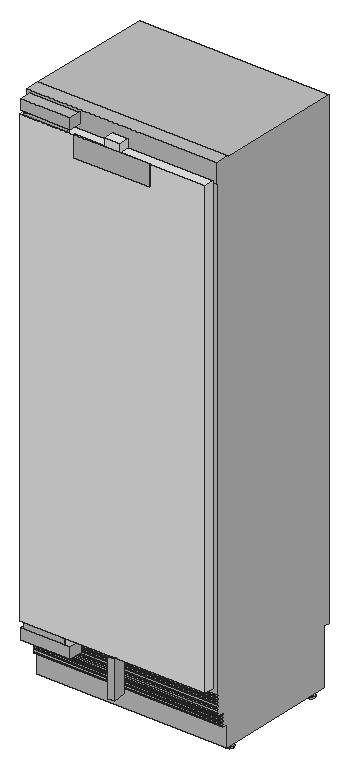
Revit family "FP_Revit_18_RS3084SL1_Fridge_90001075A", category Specialty Equipment, Revit 2018
Family settings
  Round Connector Dimension = Use Diameter
  Part Type = Normal
  OmniClass Number = 23.40.40.11.11
  OmniClass Title = Refrigerators and Freezers
  Work Plane-Based = No
  Always vertical = Yes
  Cut with Voids When Loaded = Yes
  Shared = No
  Room Calculation Point = No
Parameters (values of type "RS3084SLK1")
  Visibility - Water Connection = no
  Visibility - Visibility Control Note = yes
  Visibility - Clearance Required = yes
  URL = "www.fisherpaykel.com"
  Stainless Steel Door Panels (RD3484L4D) = no
  Product - Width = 756 mm  # constant formula
  Product - Height = 2134 mm  # constant formula
  Product - Depth (exl front panel) = 610 mm  # constant formula
  Model = "RS3084SLK1"
  Material - Handle = Fisher & Paykel - Aluminium
  Material - Door Structure = Fisher & Paykel - White
  Material - Door Front = Fisher & Paykel - Stainless Steel
  Material - Body = Fisher & Paykel - Grey
  Manufacturer = "Fisher & Paykel Appliances"
  Handle Style - Professional Square (AHV2-RD84) = no
  Handle Style - Professional Round (AHC-RD84) = no
  Handle Style - Contemporary Square (AHD3-RD84) = no
  Handle Style - Contemporary Round (AHS-RD84) = no
  Description = "30\" Integrated Column Refrigerator with stainless steel interior"
  Connector Description - Water = "Water Supply not required"
  Connector Description - Electrical = "120 V, 10 amp fused electrical supply"
  Cavity - Width = 762 mm  # constant formula
  Cavity - Height = 2134 mm  # constant formula
  Cavity - Depth = 635 mm  # constant formula
Types (4, lengths in mm): name | Visibility - Water Connection | Model | Description | Connector Description - Water
  (no name) | no | "RS3084SLK1" | "30\" Integrated Column Refrigerator with stainless steel interior" | "Water Supply not required"
  RS3084SLK1 | no | "RS3084SLK1" | "30\" Integrated Column Refrigerator with stainless steel interior" | "Water Supply not required"
  RS3084SLHK1 | yes | "RS3084SLHK1" | "30\" Integrated Column Refrigerator with internal internal water, stainless steel interior" | "1/4\" (6mm) comp. stainless steel braided hose"
  RS3084SL1 | no | "RS3084SL1" | "30\" Integrated Column Refrigerator" | "Water Supply not required"
Reference planes
  plane 1 "Datum": y = 0
  plane 2: z = 0
  plane 3 "Center (Left/Right)": x = 0
  plane 4 "Product LHS": x = -378
  plane 5 "Product RHS": x = 378
  plane 6 "Product - Depth": y = 610
  plane 7 "Cavity LHS": x = -381
  plane 8 "Cavity RHS": x = 381
  plane 9 "Cavity - Depth": y = 612.9
  plane 10 "Handle Offset": x = 315
  plane 11 "Product Height": z = 2134
  plane 12 "Cavity Height": z = 2134
  plane 13 "Door Panel Datum": y = -4.1
Forms (mm)
  Extrusion 1, solid, material "Fisher & Paykel - Grey" <- "Material - Body", detail levels fine
    sketch origin (0, 0, 0) x (0, 1, 0) y (0, 0, 1)
      loop
        line (100.1, 19.1) -> (587.9, 19.1) -> (587.9, 239.7) -> (610, 239.7) -> (610, 2131.9) -> (105.1, 2131.9) -> (105.1, 2134) -> (49.9, 2134) -> (49.9, 2059) -> (56, 2059) -> (56, 228.6) -> (59.5, 228.6) -> (59.5, 219.7) -> (56.5, 219.7) -> (56.5, 215.9) -> (59.5, 215.9) -> (59.5, 207) -> (56.5, 207) -> (56.5, 203.2) -> (59.5, 203.2) -> (59.5, 194.3) -> (56.5, 194.3) -> (56.5, 190.5) -> (59.5, 190.5) -> (59.5, 181.6) -> (56.5, 181.6) -> (56.5, 177.8) -> (59.5, 177.8) -> (59.5, 168.9) -> (56.5, 168.9) -> (56.5, 165.1) -> (59.5, 165.1) -> (59.5, 156.2) -> (56.5, 156.2) -> (56.5, 152.4) -> (84.1, 152.4) -> (84.1, 143.5) -> (81.1, 143.5) -> (81.1, 139.7) -> (84.1, 139.7) -> (84.1, 130.8) -> (81.1, 130.8) -> (81.1, 127) -> (84.1, 127) -> (84.1, 118.1) -> (81.1, 118.1) -> (81.1, 114.3) -> (84.1, 114.3) -> (84.1, 105.4) -> (81.1, 105.4) -> (81.1, 101.6) -> (100.1, 101.6) -> (100.1, 19.1)
    from -378 to 378
  Extrusion 2, solid, material "Fisher & Paykel - Grey" <- "Material - Body"
    sketch origin (0, 0, 0) x (1, 0, 0) y (0, 1, 0)
      loop
        circle (-357.5, 547.8) r 4.1
      loop
        circle (-357.5, 141.8) r 4.1
      loop
        circle (357.5, 547.8) r 4.1
      loop
        circle (357.5, 141.8) r 4.1
    from 3 to 19.1
  Extrusion 3, solid, material "Fisher & Paykel - Grey" <- "Material - Body"
    sketch origin (0, 0, 0) x (1, 0, 0) y (0, 1, 0)
      loop
        circle (-357.5, 547.8) r 14.5
      loop
        circle (-357.5, 141.8) r 14.555
      loop
        circle (357.5, 547.8) r 14.5
      loop
        circle (357.5, 141.8) r 14.555
    from 0 to 3
  Extrusion 4, solid, material "Fisher & Paykel - Grey" <- "Material - Body", detail levels fine
    sketch origin (0, 0, 0) x (1, 0, 0) y (0, 1, 0)
      loop
        line (-7.5, 49) -> (-13.797, -4.1) -> (13.797, -4.1) -> (7.5, 49) -> (-7.5, 49)
    from 104.2 to 254.2
  Extrusion 5, solid, material "Fisher & Paykel - Grey" <- "Material - Body", detail levels fine
    sketch origin (0, 0, 0) x (0, 1, 0) y (0, 0, 1)
      loop
        line (0, 2070.6) -> (0, 1988.6) -> (2, 1988.6) -> (2, 2068.6) -> (4, 2068.6) -> (4, 2070.6) -> (0, 2070.6)
    from -150 to 150
  Extrusion 6, solid, material "Fisher & Paykel - Grey" <- "Material - Body"
    sketch origin (0, 0, 0) x (1, 0, 0) y (0, 0, 1)
      loop
        circle (303, 119.813) r 5
      loop
        circle (-303, 119.813) r 5
    from -590 to -587.9
  Extrusion 7, solid, material "Fisher & Paykel - White" <- "Material - Door Structure"
    sketch origin (0, 0, 0) x (1, 0, 0) y (0, 1, 0)
      loop
        line (-353, 56) -> (-353, 42) -> (353, 42) -> (353, 56) -> (-353, 56)
    from 269.6 to 2030.7
  Extrusion 8, solid, material "Fisher & Paykel - White" <- "Material - Door Structure"
    sketch origin (0, 0, 0) x (1, 0, 0) y (0, 1, 0)
      loop
        line (-369.4, 42) -> (-369.4, 3) -> (369.4, 3) -> (369.4, 42) -> (-369.4, 42)
    from 254.2 to 2068.6
  Extrusion 9, solid, material "Fisher & Paykel - White" <- "Material - Door Structure", detail levels fine
    sketch origin (0, 0, 0) x (1, 0, 0) y (0, 0, 1)
      loop
        line (-29.5, 2100.1) -> (-29.5, 2068.6) -> (29.5, 2068.6) -> (29.5, 2100.1) -> (-29.5, 2100.1)
    from -42 to -3
  Extrusion 10, solid, material "Fisher & Paykel - Stainless Steel" <- "Material - Door Front", visible <- "Stainless Steel Door Panels (RD3484L4D)"
    sketch origin (0, 0, 0) x (0, 1, 0) y (0, 0, 1)
      loop
        line (-22.1, 2130.8) -> (-22.1, 102) -> (-4.1, 102) -> (-4.1, 2130.8) -> (-22.1, 2130.8)
    from -378 to 378
  Extrusion 11, solid, material "Fisher & Paykel - Grey" <- "Material - Body", detail levels coarse+medium
    sketch origin (0, 0, 0) x (0, 1, 0) y (0, 0, 1)
      loop
        line (49.9, 2134) -> (49.9, 2059) -> (56, 2059) -> (56, 152.4) -> (81.1, 152.4) -> (81.1, 101.6) -> (100.1, 101.6) -> (100.1, 19.1) -> (587.9, 19.1) -> (587.9, 239.7) -> (610, 239.7) -> (610, 2134) -> (49.9, 2134)
    from -378 to 378
  Extrusion 12, solid, material "Fisher & Paykel - Grey" <- "Material - Body", detail levels fine
    sketch origin (0, 0, 0) x (-1, 0, 0) y (0, 0, -1)
      loop
        line (366.4, -187.65) -> (168.42, -187.65) -> (168.42, -229.75) -> (366.4, -229.75) -> (366.4, -187.65)
    from -56 to -2.5
  Extrusion 13, solid, material "Fisher & Paykel - Grey" <- "Material - Body", detail levels fine
    sketch origin (0, 0, 0) x (-1, 0, 0) y (0, 0, -1)
      loop
        line (366.4, -2123.15) -> (366.4, -2081.05) -> (168.42, -2081.05) -> (168.42, -2123.15) -> (366.4, -2123.15)
    from -49 to -2.5
  Extrusion 14, solid, material "Fisher & Paykel - Grey" <- "Material - Body", detail levels fine
    sketch origin (0, 0, -4) x (0, 1, 0) y (0, 0, 1)
      loop
        arc (163.888, 23.1) -> (180.4, 13.63) -> (196.912, 23.1) r 19.13
        line (196.912, 23.1) -> (163.888, 23.1)
      loop
        arc (493.888, 23.1) -> (510.4, 13.63) -> (526.912, 23.1) r 19.13
        line (526.912, 23.1) -> (493.888, 23.1)
    from 191 to 219
  Extrusion 15, solid, material "Fisher & Paykel - Grey" <- "Material - Body", detail levels fine
    sketch origin (0, 0, -4) x (0, 1, 0) y (0, 0, -1)
      loop
        line (163.888, -23.1) -> (196.912, -23.1)
        arc (196.912, -23.1) -> (180.4, -13.63) -> (163.888, -23.1) r 19.13
      loop
        line (493.888, -23.1) -> (526.912, -23.1)
        arc (526.912, -23.1) -> (510.4, -13.63) -> (493.888, -23.1) r 19.13
    from 191 to 219
  Extrusion 16, solid, material "Fisher & Paykel - Clearance Required", visible <- "Visibility - Clearance Required", detail levels coarse
    sketch origin (0, 0, 0) x (1, 0, 0) y (0, 1, 0)
      loop
        line (-381, 612.9) -> (-381, -4.1) -> (381, -4.1) -> (381, 612.9) -> (-381, 612.9)
    from 0 to 2134
  Extrusion 17, void
    sketch origin (0, 0, 0) x (1, 0, 0) y (0, 1, 0)
      loop
        line (-381, 612.9) -> (-381, -22.1) -> (381, -22.1) -> (381, 612.9) -> (-381, 612.9)
    from 0 to 2134
  Extrusion 18, solid, material "Fisher & Paykel - Grey" <- "Material - Body", detail levels fine
    sketch origin (-73, 0, 0) x (-1, 0, 0) y (0, 0, -1)
      loop
        line (118.4, -254.2) -> (282.9, -254.2) -> (282.9, -229.75) -> (118.4, -229.75) -> (118.4, -254.2)
      loop
        line (106, -2081.05) -> (242.9, -2081.05) -> (282.9, -2076.05) -> (282.9, -2068.6) -> (106, -2068.6) -> (106, -2081.05)
    from -7 to -4
  Extrusion 19, solid, material "Fisher & Paykel - Clearance Required", visible <- "Visibility - Clearance Required", detail levels coarse
    sketch origin (0, 0, 0) x (-1, 0, 0) y (0, -1, 0)
      loop
        line (301.5, 22.1) -> (378, 22.1)
        arc (378, 22.1) -> (380.992, 57.074) -> (415.915, 60.616) r 27.5
        line (415.915, 60.616) -> (697.006, 665.395) -> (723.252, 653.196)
        arc (723.252, 653.196) -> (747.815, 662.136) -> (738.875, 686.699) r 18.483
        line (738.875, 686.699) -> (712.602, 698.95) -> (734.604, 746.289)
        arc (734.604, 746.289) -> (-22.015, 691.951) -> (-378, 22.1) r 783.517
        line (-378, 22.1) -> (301.5, 22.1)
    from 0 to 2134
Lines and regions (mm)
  model lines, style "Fisher & Paykel"
    curve 1: line (-378, -4.1, 2130.8) -> (378, -4.1, 2130.8)
    curve 2: line (-378, -4.1, 102) -> (-378, -4.1, 2130.8)
    curve 3: line (378, -4.1, 102) -> (-378, -4.1, 102)
    curve 4: line (378, -4.1, 2130.8) -> (378, -4.1, 102)
Text (mm)
  text "Due to ongoing product development, product details are subject to change without notice. \nPlease always refer to www.fisherpaykel.com for the most current product information. \n© Fisher & Paykel 2020" at (41.04, -848.295, 0), in view "Ref. Level (Plan)"
Dimensions and locks
  equal spacing: plane 4 "Product LHS", plane 3 "Center (Left/Right)", plane 5 "Product RHS"
  "Product - Width": plane 4 "Product LHS" to plane 5 "Product RHS"
  "Product - Depth (exl front panel)": plane 1 "Datum" to plane 6 "Product - Depth"
  equal spacing: plane 7 "Cavity LHS", plane 3 "Center (Left/Right)", plane 8 "Cavity RHS"
  "Cavity - Width": plane 7 "Cavity LHS" to plane 8 "Cavity RHS"
  plane 4 "Product LHS" to Extrusion 2 sketch curve = 24.6 mm
  plane 4 "Product LHS" to plane 10 "Handle Offset" = 693 mm
  Extrusion 6 sketch curve to Extrusion 1 = 119.887 mm  (x2)
  Extrusion 6 sketch curve to plane 5 "Product RHS" = 75 mm
  plane 4 "Product LHS" to Extrusion 6 sketch curve = 75 mm
  Extrusion 1 sketch curve to Extrusion 1 sketch curve = 82.5 mm
  Extrusion 1 sketch curve to Extrusion 1 sketch curve = 209.5 mm
  Extrusion 1 sketch curve to Extrusion 1 sketch curve = 220.6 mm
  Extrusion 3 to level = 3 mm
  Extrusion 11 to Extrusion 8 = 235.1 mm
  Extrusion 11 to Extrusion 7 = 250.5 mm
  Extrusion 11 to Extrusion 11 = 2114.9 mm
  Extrusion 11 to Extrusion 10 = 82.9 mm
  "Product - Height": level to plane 11 "Product Height"
  plane 11 "Product Height" to Extrusion 10 = 3.2 mm
  Extrusion 8 to plane 11 "Product Height" = 65.4 mm
  Extrusion 7 to plane 11 "Product Height" = 103.3 mm
  Extrusion 11 sketch curve to plane 11 "Product Height" = 75 mm
  Extrusion 1 sketch curve to plane 11 "Product Height" = 2.1 mm
  Extrusion 1 sketch curve to plane 11 "Product Height" = 75 mm
  "Cavity - Height": plane 12 "Cavity Height" to level
  plane 1 "Datum" to Extrusion 16 = 612.9 mm
  plane 1 "Datum" to Extrusion 17 = 612.9 mm
  Extrusion 18 sketch curve to Extrusion 18 sketch curve = 40 mm
  Extrusion 18 sketch curve to Extrusion 18 sketch curve = 176.9 mm
  plane 3 "Center (Left/Right)" to Extrusion 18 sketch curve = 179 mm
  plane 3 "Center (Left/Right)" to Extrusion 18 sketch curve = 191.4 mm
  plane 3 "Center (Left/Right)" to Extrusion 18 sketch curve = 355.9 mm
  plane 3 "Center (Left/Right)" to Extrusion 13 sketch curve = 168.42 mm
  plane 3 "Center (Left/Right)" to Extrusion 12 sketch curve = 168.42 mm
  plane 1 "Datum" to Extrusion 19 = 22.1 mm
  "Cavity - Depth": plane 9 "Cavity - Depth" to Extrusion 19
  radius of Extrusion 6 sketch curve = 5 mm
  aligned and locked: level to plane 2
  aligned and locked: Extrusion 10 to plane 5 "Product RHS"
  aligned and locked: plane 4 "Product LHS" to Extrusion 10
  aligned and locked: Extrusion 11 to plane 5 "Product RHS"
  aligned and locked: Extrusion 11 to plane 4 "Product LHS"
  aligned and locked: Extrusion 11 sketch curve to plane 11 "Product Height"
  aligned and locked: plane 11 "Product Height" to Extrusion 1 sketch curve
  aligned and locked: Extrusion 14 sketch curve to Extrusion 14 sketch curve
  aligned and locked: Extrusion 15 sketch curve to Extrusion 15 sketch curve
  aligned and locked: Extrusion 1 to plane 5 "Product RHS"
  aligned and locked: plane 4 "Product LHS" to Extrusion 1
  aligned and locked: Extrusion 11 sketch curve to Extrusion 1  (x4)
  aligned and locked: Extrusion 2 to Extrusion 1
  aligned and locked: nested 2 to plane 10 "Handle Offset"
  aligned and locked: nested 3 to plane 10 "Handle Offset"
  aligned and locked: nested 4 to plane 10 "Handle Offset"
  aligned and locked: nested 5 to plane 10 "Handle Offset"
Automatic sketch dimensions
  Extrusion 1 sketch curve to plane 6 "Product - Depth" = 0 mm
  Extrusion 1 sketch curve to Extrusion 1 sketch curve = 22.1 mm
  Extrusion 1 sketch curve to plane 1 "Datum" = 105.1 mm
  level to Extrusion 1 sketch curve = 19.1 mm
  Extrusion 1 sketch curve to plane 1 "Datum" = 100.1 mm
  Extrusion 1 sketch curve to Extrusion 1 sketch curve = 16 mm
  Extrusion 1 sketch curve to Extrusion 1 sketch curve = 0 mm  (x8)
  Extrusion 1 sketch curve to Extrusion 1 sketch curve = 3 mm  (x10)
  Extrusion 1 sketch curve to plane 1 "Datum" = 59.5 mm
  Extrusion 1 sketch curve to plane 1 "Datum" = 56 mm
  Extrusion 1 sketch curve to plane 1 "Datum" = 49.9 mm
  Extrusion 1 sketch curve to Extrusion 1 sketch curve = 3.8 mm  (x10)
  Extrusion 1 sketch curve to Extrusion 1 sketch curve = 8.9 mm  (x9)
  Extrusion 2 sketch curve to plane 4 "Product LHS" = 20.5 mm  (x2)
  plane 5 "Product RHS" to Extrusion 2 sketch curve = 20.5 mm  (x2)
  Extrusion 2 sketch curve to plane 1 "Datum" = 141.8 mm  (x2)
  Extrusion 2 sketch curve to plane 6 "Product - Depth" = 62.2 mm  (x2)
  Extrusion 3 sketch curve to plane 4 "Product LHS" = 20.5 mm  (x2)
  plane 5 "Product RHS" to Extrusion 3 sketch curve = 20.5 mm  (x2)
  Extrusion 3 sketch curve to plane 1 "Datum" = 141.8 mm  (x2)
  Extrusion 3 sketch curve to plane 6 "Product - Depth" = 62.2 mm  (x2)
  plane 1 "Datum" to Extrusion 4 sketch curve = 4.1 mm
  Extrusion 4 sketch curve to plane 3 "Center (Left/Right)" = 13.797 mm
  Extrusion 4 sketch curve to plane 3 "Center (Left/Right)" = 7.5 mm
  plane 3 "Center (Left/Right)" to Extrusion 4 sketch curve = 7.5 mm
  plane 3 "Center (Left/Right)" to Extrusion 4 sketch curve = 13.797 mm
  Extrusion 4 sketch curve to plane 1 "Datum" = 49 mm
  Extrusion 5 sketch curve to plane 1 "Datum" = 0 mm
  Extrusion 5 sketch curve to plane 1 "Datum" = 2 mm
  Extrusion 5 sketch curve to Extrusion 5 sketch curve = 2 mm  (x2)
  plane 11 "Product Height" to Extrusion 5 sketch curve = 145.4 mm
  plane 11 "Product Height" to Extrusion 5 sketch curve = 65.4 mm
  Extrusion 7 sketch curve to plane 4 "Product LHS" = 25 mm
  plane 5 "Product RHS" to Extrusion 7 sketch curve = 25 mm
  Extrusion 7 sketch curve to plane 1 "Datum" = 42 mm
  Extrusion 7 sketch curve to Extrusion 7 sketch curve = 14 mm
  Extrusion 8 sketch curve to plane 1 "Datum" = 3 mm
  Extrusion 8 sketch curve to plane 4 "Product LHS" = 8.6 mm
  plane 5 "Product RHS" to Extrusion 8 sketch curve = 8.6 mm
  Extrusion 8 sketch curve to Extrusion 8 sketch curve = 39 mm
  Extrusion 9 sketch curve to plane 3 "Center (Left/Right)" = 29.5 mm
  plane 3 "Center (Left/Right)" to Extrusion 9 sketch curve = 29.5 mm
  plane 11 "Product Height" to Extrusion 9 sketch curve = 65.4 mm
  Extrusion 9 sketch curve to Extrusion 9 sketch curve = 31.5 mm
  plane 1 "Datum" to Extrusion 10 sketch curve = 22.1 mm
  plane 1 "Datum" to Extrusion 10 sketch curve = 4.1 mm
  level to Extrusion 10 sketch curve = 102 mm
  plane 11 "Product Height" to Extrusion 10 sketch curve = 3.2 mm
  Extrusion 11 sketch curve to plane 6 "Product - Depth" = 0 mm
  Extrusion 11 sketch curve to plane 6 "Product - Depth" = 22.1 mm
  Extrusion 11 sketch curve to plane 1 "Datum" = 100.1 mm
  Extrusion 11 sketch curve to Extrusion 11 sketch curve = 19 mm
  Extrusion 11 sketch curve to plane 1 "Datum" = 56 mm
  Extrusion 11 sketch curve to plane 1 "Datum" = 49.9 mm
  Extrusion 11 sketch curve to Extrusion 11 sketch curve = 50.8 mm
  plane 4 "Product LHS" to Extrusion 12 sketch curve = 11.6 mm
  Extrusion 12 sketch curve to level = 187.65 mm
  Extrusion 12 sketch curve to Extrusion 12 sketch curve = 42.1 mm
  plane 4 "Product LHS" to Extrusion 13 sketch curve = 11.6 mm
  Extrusion 13 sketch curve to plane 11 "Product Height" = 52.95 mm
  Extrusion 13 sketch curve to plane 11 "Product Height" = 10.85 mm
  level to Extrusion 14 sketch curve = 19.1 mm
  Extrusion 14 sketch curve to plane 1 "Datum" = 163.888 mm
  Extrusion 14 sketch curve to Extrusion 14 sketch curve = 16.512 mm  (x2)
  Extrusion 14 sketch curve to plane 6 "Product - Depth" = 116.112 mm
  Extrusion 14 sketch curve to Extrusion 14 sketch curve = 9.66 mm  (x2)
  level to Extrusion 15 sketch curve = 19.1 mm
  Extrusion 15 sketch curve to plane 1 "Datum" = 163.888 mm
  Extrusion 15 sketch curve to Extrusion 15 sketch curve = 16.512 mm  (x2)
  Extrusion 15 sketch curve to plane 6 "Product - Depth" = 116.112 mm
  Extrusion 15 sketch curve to Extrusion 15 sketch curve = 9.66 mm  (x2)
  Extrusion 16 sketch curve to plane 7 "Cavity LHS" = 0 mm
  Extrusion 16 sketch curve to plane 8 "Cavity RHS" = 0 mm
  Extrusion 16 sketch curve to plane 9 "Cavity - Depth" = 0 mm
  plane 1 "Datum" to Extrusion 16 sketch curve = 4.1 mm
  Extrusion 17 sketch curve to plane 7 "Cavity LHS" = 0 mm
  Extrusion 17 sketch curve to plane 8 "Cavity RHS" = 0 mm
  plane 9 "Cavity - Depth" to Extrusion 17 sketch curve = 0 mm
  plane 1 "Datum" to Extrusion 17 sketch curve = 22.1 mm
  Extrusion 18 sketch curve to level = 229.75 mm
  Extrusion 18 sketch curve to Extrusion 18 sketch curve = 24.45 mm
  Extrusion 18 sketch curve to plane 11 "Product Height" = 65.4 mm
  Extrusion 18 sketch curve to Extrusion 18 sketch curve = 7.45 mm
  Extrusion 18 sketch curve to Extrusion 18 sketch curve = 5 mm
  Extrusion 19 sketch curve to plane 5 "Product RHS" = 0 mm
  Extrusion 19 sketch curve to plane 1 "Datum" = 22.1 mm
  plane 4 "Product LHS" to Extrusion 19 sketch curve = 76.5 mm
  plane 4 "Product LHS" to Extrusion 19 sketch curve = 0 mm
  Extrusion 19 sketch curve to plane 7 "Cavity LHS" = 19.59 mm
  Extrusion 19 sketch curve to Extrusion 19 sketch curve = 4.816 mm
  Extrusion 19 sketch curve to Extrusion 19 sketch curve = 10.509 mm
  Extrusion 19 sketch curve to plane 7 "Cavity LHS" = 316.006 mm
  Extrusion 19 sketch curve to Extrusion 19 sketch curve = 15.596 mm
  Extrusion 19 sketch curve to Extrusion 19 sketch curve = 26.246 mm
  Extrusion 19 sketch curve to Extrusion 19 sketch curve = 7.811 mm  (x2)
  Extrusion 19 sketch curve to Extrusion 19 sketch curve = 22.003 mm
  Extrusion 19 sketch curve to Extrusion 19 sketch curve = 13.185 mm
  Extrusion 19 sketch curve to Extrusion 19 sketch curve = 2.497 mm
  Extrusion 19 sketch curve to Extrusion 19 sketch curve = 93.093 mm
  Extrusion 19 sketch curve to Extrusion 19 sketch curve = 16.751 mm
  Extrusion 19 sketch curve to Extrusion 19 sketch curve = 12.251 mm
  plane 5 "Product RHS" to curve 1 = 0 mm
  plane 4 "Product LHS" to curve 3 = 0 mm
  level to curve 3 = 102 mm
  plane 11 "Product Height" to curve 2 = 3.2 mm
  radius of Extrusion 2 sketch curve = 4.1 mm  (x3)
  radius of Extrusion 3 sketch curve = 14.5 mm  (x2)
  radius of Extrusion 3 sketch curve = 14.555 mm  (x2)
  radius of Extrusion 6 sketch curve = 5 mm
Nested families
  nested 1: "Visibility Control Note 18" at (0, 0, 0), visible <- "Visibility - Visibility Control Note", type "Visibility Control Note 18"
  nested 2: "Handle Contemporary Round - Vertical" at (315, -22.1, 1242.58), visible <- "Handle Style - Contemporary Round (AHS-RD84)", type "AHS-RD84 - Contemporary round handle (Vertical) 852mm"
  nested 3: "Handle Contemporary Square - Vertical" at (315, -22.1, 1242.58), visible <- "Handle Style - Contemporary Square (AHD3-RD84)", type "AHD3-RD84 - Contemporary square handle (Vertical) 852mm"
  nested 4: "Handle Professional Round - Vertical" at (315, -22.1, 1242.58), visible <- "Handle Style - Professional Round (AHC-RD84)", type "AHC-RD84 - Professional round handle (Vertical) 786mm"
  nested 5: "Handle Professional Square - Vertical" at (315, -22.1, 1242.58), visible <- "Handle Style - Professional Square (AHV2-RD84)", type "AHV2-RD84 - Professional square handle (Vertical) 792mm"
Connectors
  electrical at (-303, 590, 119.813), driven by "Connector Description - Electrical"
    settings: on Extrusion 6, index 1, voltage 120 V, apparent load 0 VA, apparent load phase1 0 VA, apparent load phase2 0 VA, apparent load phase3 0 VA, power factor 1, load classification "Other", number of poles 1, system type 30, power factor state 1, is connector primary yes, connector utility no, sub classification motor no, connector description "120 V, 10 amp fused electrical supply"
  piping at (303, 590, 119.813), diameter 12.7, driven by "Visibility - Water Connection", driven by "Connector Description - Water"
    settings: on Extrusion 6, index 2, connector inside diameter 609.6 mm, connector length 0 mm, flow factor 0, pipe flow 0.0 L/s, pressure drop 0.0 Pa, fitting loss kfactor 0, connector angle 0.00°, fixture units 0, engagement length 0 mm, angle of deflection 0.00°, flow configuration 0, flow direction 1, fitting loss method 0, system type 20, joint type 0, gender type 0, connector reference index -1, connector utility 0, adjustable connector no, is connector primary yes, connector description "Water Supply not required"
Definition of nested family "Handle Contemporary Round - Vertical"
  Parameters (values of type "AHSRS80A - Contemporary round handle (1 of 2) (Vertical) 727mm")
    URL = "www.fisherpaykel.com"
    Material - Handle = none
    Manufacturer = "Fisher & Paykel Appliances"
    Handle - Length = 727 mm
  Types (6, lengths in mm): name | Handle - Length
    AHS-RD21 - Contemporary round handle (Vertical) 852mm | 852
    AHSRD2484W - Contemporary round handle (1 of 2) (Vertical) 727mm | 727
    AHSRD3084W - Contemporary round handle (1 of 2) (Vertical) 727mm | 727
    AHS-RD84 - Contemporary round handle (Vertical) 852mm | 852
    AHSRS3272A - Contemporary round handle (1 of 2) (Vertical) 727mm | 727
    AHSRS80A - Contemporary round handle (1 of 2) (Vertical) 727mm | 727
  Reference planes
    plane 1 "Center (Front/Back)": y = 0
    plane 2: z = 0
    plane 3 "Center (Left/Right)": x = 0
    plane 4 "Top": z = 363.5
    plane 5 "Bottom": z = -363.5
    plane 6 "Top Standoff": z = 243.5
    plane 7 "Bottom Standoff": z = -243.5
  Forms (mm)
    Extrusion 1, solid, material <- "Material - Handle"
      sketch origin (0, 0, 0) x (1, 0, 0) y (0, 1, 0)
        loop
          circle (0, -32.3) r 8.7
      from -243.5 to 243.5
    Extrusion 2, solid, material <- "Material - Handle", detail levels fine
      sketch origin (0, 0, 0) x (1, 0, 0) y (0, 1, 0)
        loop
          line (-8.7, 0) -> (-8.7, -32.3)
          arc (-8.7, -32.3) -> (0, -41) -> (8.7, -32.3) r 8.7
          line (8.7, -32.3) -> (8.7, 0) -> (-8.7, 0)
      from 243.5 to 363.5
    Extrusion 3, solid, material <- "Material - Handle", detail levels fine
      sketch origin (0, 0, 0) x (1, 0, 0) y (0, 1, 0)
        loop
          line (-8.7, 0) -> (-8.7, -32.3)
          arc (-8.7, -32.3) -> (0, -41) -> (8.7, -32.3) r 8.7
          line (8.7, -32.3) -> (8.7, 0) -> (-8.7, 0)
      from -363.5 to -243.5
    Sweep 4, void
      path in 3D
        loop
          line (8.7, 0, -363.5) -> (8.7, -32.3, -363.5)
          arc (8.7, -32.3, -363.5) -> (0, -41, -363.5) -> (-8.7, -32.3, -363.5) r 8.7
          line (-8.7, -32.3, -363.5) -> (-8.7, 0, -363.5)
      profile origin (8.7, -16.15, -363.5) x (-1, 0, 0) y (0, 0, -1)
        loop
          line (0, 0) -> (0, -1) -> (1, 0) -> (0, 0)
    Sweep 5, void
      path in 3D
        loop
          line (-8.7, 0, 363.5) -> (-8.7, -32.3, 363.5)
          arc (-8.7, -32.3, 363.5) -> (0, -41, 363.5) -> (8.7, -32.3, 363.5) r 8.7
          line (8.7, -32.3, 363.5) -> (8.7, 0, 363.5)
      profile origin (8.7, -16.15, 363.5) x (-1, 0, 0) y (0, 0, 1)
        loop
          line (0, 0) -> (0, -1) -> (1, 0) -> (0, 0)
    Extrusion 6, solid, material <- "Material - Handle", detail levels coarse+medium
      sketch origin (0, 0, 0) x (1, 0, 0) y (0, 1, 0)
        loop
          line (-8.7, 0) -> (-8.7, -32.3)
          arc (-8.7, -32.3) -> (0, -41) -> (8.7, -32.3) r 8.7
          line (8.7, -32.3) -> (8.7, 0) -> (-8.7, 0)
      from 243.5 to 363.5
    Extrusion 7, solid, material <- "Material - Handle", detail levels coarse+medium
      sketch origin (0, 0, 0) x (1, 0, 0) y (0, 1, 0)
        loop
          line (-8.7, 0) -> (-8.7, -32.3)
          arc (-8.7, -32.3) -> (0, -41) -> (8.7, -32.3) r 8.7
          line (8.7, -32.3) -> (8.7, 0) -> (-8.7, 0)
      from -363.5 to -243.5
  Cuts and joins
    Sweep 4 cuts Extrusion 3
    Sweep 5 cuts Extrusion 2
  Lines and regions (mm)
    sketch lines
      curve 1: line (8.7, 0, -363.5) -> (8.7, -32.3, -363.5)
      curve 2: arc (-8.7, -32.3, -363.5) -> (0, -41, -363.5) -> (8.7, -32.3, -363.5) r 8.7
      curve 3: line (-8.7, -32.3, -363.5) -> (-8.7, 0, -363.5)
      curve 4: line (8.7, -32.3, 363.5) -> (8.7, 0, 363.5)
      curve 5: arc (8.7, -32.3, 363.5) -> (0, -41, 363.5) -> (-8.7, -32.3, 363.5) r 8.7
      curve 6: line (-8.7, 0, 363.5) -> (-8.7, -32.3, 363.5)
  Dimensions and locks
    equal spacing: plane 4 "Top", level, plane 5 "Bottom"
    "Handle - Length": plane 4 "Top" to plane 5 "Bottom"
    locked: plane 4 "Top" to plane 6 "Top Standoff" at 120
    locked: plane 7 "Bottom Standoff" to plane 5 "Bottom" at 120
    Extrusion 2 sketch curve to Extrusion 2 sketch curve = 17.4 mm
    Extrusion 3 sketch curve to Extrusion 3 sketch curve = 17.4 mm
    Extrusion 6 sketch curve to Extrusion 6 sketch curve = 17.4 mm
    Extrusion 7 sketch curve to Extrusion 7 sketch curve = 17.4 mm
    aligned and locked: level to plane 2
    aligned and locked: plane 4 "Top" to Extrusion 2
    aligned and locked: Extrusion 3 to plane 5 "Bottom"
    aligned and locked: plane 7 "Bottom Standoff" to Extrusion 3
    aligned and locked: Extrusion 1 to plane 7 "Bottom Standoff"
    aligned and locked: plane 6 "Top Standoff" to Extrusion 1
    aligned and locked: Extrusion 2 to Extrusion 1
    aligned and locked: Extrusion 6 to Extrusion 1
    aligned and locked: plane 4 "Top" to Extrusion 6
    aligned and locked: Extrusion 7 to Extrusion 1
    aligned and locked: Extrusion 7 to plane 5 "Bottom"
  Automatic sketch dimensions
    Extrusion 1 sketch curve to plane 3 "Center (Left/Right)" = 0 mm
    plane 1 "Center (Front/Back)" to Extrusion 1 sketch curve = 32.3 mm
    plane 1 "Center (Front/Back)" to Extrusion 2 sketch curve = 0 mm
    Extrusion 2 sketch curve to plane 3 "Center (Left/Right)" = 0 mm
    Extrusion 2 sketch curve to plane 3 "Center (Left/Right)" = 8.7 mm
    plane 1 "Center (Front/Back)" to Extrusion 2 sketch curve = 32.3 mm
    plane 1 "Center (Front/Back)" to Extrusion 3 sketch curve = 0 mm
    Extrusion 3 sketch curve to plane 3 "Center (Left/Right)" = 0 mm
    Extrusion 3 sketch curve to plane 3 "Center (Left/Right)" = 8.7 mm
    plane 1 "Center (Front/Back)" to Extrusion 3 sketch curve = 32.3 mm
    Sweep 4 sketch curve to profile plane = 0 mm  (x2)
    Sweep 4 sketch curve to profile plane = 1 mm  (x2)
    Sweep 5 sketch curve to profile plane = 0 mm  (x2)
    Sweep 5 sketch curve to profile plane = 1 mm  (x2)
    Extrusion 6 sketch curve to plane 3 "Center (Left/Right)" = 0 mm
    Extrusion 6 sketch curve to plane 3 "Center (Left/Right)" = 8.7 mm
    plane 1 "Center (Front/Back)" to Extrusion 6 sketch curve = 32.3 mm
    Extrusion 6 sketch curve to Extrusion 6 sketch curve = 32.3 mm
    Extrusion 7 sketch curve to plane 3 "Center (Left/Right)" = 0 mm
    Extrusion 7 sketch curve to plane 3 "Center (Left/Right)" = 8.7 mm
    plane 1 "Center (Front/Back)" to Extrusion 7 sketch curve = 32.3 mm
    Extrusion 7 sketch curve to Extrusion 7 sketch curve = 32.3 mm
    radius of Extrusion 1 sketch curve = 8.7 mm
Definition of nested family "Handle Contemporary Square - Vertical"
  Parameters (values of type "AHD3RS80A - Contemporary square handle (1 of 2) (Vertical) 727mm")
    URL = "www.fisherpaykel.com"
    Material - Handle = none
    Manufacturer = "Fisher & Paykel Appliances"
    Handle - Length = 727 mm
  Types (7, lengths in mm): name | Handle - Length
    (no name) | 727
    AHD3-RD21 - Contemporary square handle (Vertical) 852mm | 852
    AHD3RD2484W - Contemporary square handle (1 of 2) (Vertical) 727mm | 727
    AHD3RD3084W - Contemporary square handle (1 of 2) (Vertical) 727mm | 727
    AHD3-RD84 - Contemporary square handle (Vertical) 852mm | 852
    AHD3RS3272A - Contemporary square handle (1 of 2) (Vertical) 727mm | 727
    AHD3RS80A - Contemporary square handle (1 of 2) (Vertical) 727mm | 727
  Reference planes
    plane 1 "Center (Front/Back)": y = 0
    plane 2: z = 0
    plane 3 "Center (Left/Right)": x = 0
    plane 4 "Top": z = 363.5
    plane 5 "Bottom": z = -363.5
    plane 6 "Top Standoff": z = 243.5
    plane 7 "Bottom Standoff": z = -243.5
  Forms (mm)
    Extrusion 1, solid, material <- "Material - Handle", detail levels fine
      sketch origin (0, 0, 0) x (1, 0, 0) y (0, 1, 0)
        loop
          arc (-7.583, -28.701) -> (-7.89, -29.057) -> (-8, -29.514) r 1
          line (-8, -29.514) -> (-8, -40.5)
          arc (-8, -40.5) -> (-7.561, -41.561) -> (-6.5, -42) r 1.5
          line (-6.5, -42) -> (6.5, -42)
          arc (6.5, -42) -> (7.561, -41.561) -> (8, -40.5) r 1.5
          line (8, -40.5) -> (8, -29.487)
          arc (8, -29.487) -> (7.889, -29.029) -> (7.58, -28.673) r 1
          arc (7.58, -28.673) -> (-0.006, -26.256) -> (-7.583, -28.701) r 13.038
      from -363.5 to 363.5
    Extrusion 2, solid, material <- "Material - Handle", detail levels fine
      sketch origin (0, 0, 0) x (1, 0, 0) y (0, 1, 0)
        loop
          arc (7.058, -28.23) -> (7.466, -28.244) -> (7.674, -27.893) r 0.4
          line (7.674, -27.893) -> (7.674, 0) -> (-7.674, 0) -> (-7.674, -27.86)
          arc (-7.674, -27.86) -> (-7.467, -28.21) -> (-7.06, -28.198) r 0.4
          arc (-7.06, -28.198) -> (0.004, -26.156) -> (7.058, -28.23) r 13.136
      from 243.5 to 363.5
    Extrusion 3, solid, material <- "Material - Handle", detail levels fine
      sketch origin (0, 0, 0) x (1, 0, 0) y (0, 1, 0)
        loop
          arc (7.058, -28.23) -> (7.466, -28.244) -> (7.674, -27.893) r 0.4
          line (7.674, -27.893) -> (7.674, 0) -> (-7.674, 0) -> (-7.674, -27.86)
          arc (-7.674, -27.86) -> (-7.467, -28.21) -> (-7.06, -28.198) r 0.4
          arc (-7.06, -28.198) -> (0.004, -26.156) -> (7.058, -28.23) r 13.136
      from -363.5 to -243.5
    Sweep 4, void
      path in 3D
        loop
          line (-8, -29.514, 363.5) -> (-8, -40.5, 363.5)
          arc (-8, -40.5, 363.5) -> (-7.561, -41.561, 363.5) -> (-6.5, -42, 363.5) r 1.5
          line (-6.5, -42, 363.5) -> (6.5, -42, 363.5)
          arc (6.5, -42, 363.5) -> (7.561, -41.561, 363.5) -> (8, -40.5, 363.5) r 1.5
          line (8, -40.5, 363.5) -> (8, -29.487, 363.5)
      profile origin (8, -34.994, 363.5) x (-1, 0, 0) y (0, 0, 1)
        loop
          line (0, 0) -> (0, -1.3) -> (1.3, 0) -> (0, 0)
    Sweep 5, void
      path in 3D
        loop
          line (8, -29.487, -363.5) -> (8, -40.5, -363.5)
          arc (8, -40.5, -363.5) -> (7.561, -41.561, -363.5) -> (6.5, -42, -363.5) r 1.5
          line (6.5, -42, -363.5) -> (-6.5, -42, -363.5)
          arc (-6.5, -42, -363.5) -> (-7.561, -41.561, -363.5) -> (-8, -40.5, -363.5) r 1.5
          line (-8, -40.5, -363.5) -> (-8, -29.514, -363.5)
      profile origin (8, -34.994, -363.5) x (-1, 0, 0) y (0, 0, -1)
        loop
          line (0, 0) -> (0, -1.3) -> (1.3, 0) -> (0, 0)
    Extrusion 6, void
      sketch origin (0, 0, 0) x (1, 0, 0) y (0, 0, 1)
        loop
          line (-8, -362.2) -> (-8, -363.5) -> (-6.7, -363.5) -> (-8, -362.2)
        loop
          line (8, -362.2) -> (6.7, -363.5) -> (8, -363.5) -> (8, -362.2)
      from 0 to 40
    Extrusion 7, void
      sketch origin (0, 0, 0) x (1, 0, 0) y (0, 0, 1)
        loop
          line (-8, 363.5) -> (-8, 362.2) -> (-6.7, 363.5) -> (-8, 363.5)
        loop
          line (8, 363.5) -> (6.7, 363.5) -> (8, 362.2) -> (8, 363.5)
      from 0 to 40
    Extrusion 8, solid, material <- "Material - Handle", detail levels coarse+medium
      sketch origin (0, 0, 0) x (0, 1, 0) y (0, 0, 1)
        loop
          line (0, 363.5) -> (-42, 363.5) -> (-42, -363.5) -> (0, -363.5) -> (0, -243.5) -> (-26.245, -243.5) -> (-26.245, 243.5) -> (0, 243.5) -> (0, 363.5)
      from -8 to 8
  Cuts and joins
    Sweep 4, Sweep 5, Extrusion 6, Extrusion 7 cuts Extrusion 1
    Extrusion 6 cuts Extrusion 3
    Extrusion 7 cuts Extrusion 2
  Lines and regions (mm)
    sketch lines
      curve 1: line (8, -40.5, 363.5) -> (8, -29.487, 363.5)
      curve 2: arc (8, -40.5, 363.5) -> (7.561, -41.561, 363.5) -> (6.5, -42, 363.5) r 1.5
      curve 3: line (-6.5, -42, 363.5) -> (6.5, -42, 363.5)
      curve 4: arc (-6.5, -42, 363.5) -> (-7.561, -41.561, 363.5) -> (-8, -40.5, 363.5) r 1.5
      curve 5: line (-8, -29.514, 363.5) -> (-8, -40.5, 363.5)
      curve 6: line (8, -29.487, -363.5) -> (8, -40.5, -363.5)
      curve 7: arc (6.5, -42, -363.5) -> (7.561, -41.561, -363.5) -> (8, -40.5, -363.5) r 1.5
      curve 8: line (6.5, -42, -363.5) -> (-6.5, -42, -363.5)
      curve 9: arc (-8, -40.5, -363.5) -> (-7.561, -41.561, -363.5) -> (-6.5, -42, -363.5) r 1.5
      curve 10: line (-8, -40.5, -363.5) -> (-8, -29.514, -363.5)
  Dimensions and locks
    equal spacing: plane 4 "Top", level, plane 5 "Bottom"
    "Handle - Length": plane 4 "Top" to plane 5 "Bottom"
    locked: plane 4 "Top" to plane 6 "Top Standoff" at 120
    locked: plane 7 "Bottom Standoff" to plane 5 "Bottom" at 120
    aligned and locked: level to plane 2
    aligned and locked: plane 4 "Top" to Extrusion 2
    aligned and locked: Extrusion 2 to plane 6 "Top Standoff"
    aligned and locked: plane 4 "Top" to Extrusion 1
    aligned and locked: Extrusion 1 to plane 5 "Bottom"
    aligned and locked: Extrusion 3 to plane 5 "Bottom"
    aligned and locked: plane 7 "Bottom Standoff" to Extrusion 3
    aligned and locked: plane 4 "Top" to Extrusion 8 sketch curve
    aligned and locked: plane 6 "Top Standoff" to Extrusion 8 sketch curve
    aligned and locked: plane 7 "Bottom Standoff" to Extrusion 8 sketch curve
    aligned and locked: plane 5 "Bottom" to Extrusion 8 sketch curve
    aligned and locked: plane 1 "Center (Front/Back)" to Extrusion 8 sketch curve  (x2)
  Automatic sketch dimensions
    Extrusion 1 sketch curve to plane 3 "Center (Left/Right)" = 8 mm
    Extrusion 1 sketch curve to Extrusion 1 sketch curve = 1 mm  (x2)
    Extrusion 1 sketch curve to Extrusion 1 sketch curve = 1.5 mm
    plane 3 "Center (Left/Right)" to Extrusion 1 sketch curve = 0.018 mm
    plane 3 "Center (Left/Right)" to Extrusion 1 sketch curve = 6.5 mm
    plane 3 "Center (Left/Right)" to Extrusion 1 sketch curve = 7 mm
    plane 1 "Center (Front/Back)" to Extrusion 1 sketch curve = 42 mm
    Extrusion 1 sketch curve to Extrusion 1 sketch curve = 1.206 mm
    Extrusion 1 sketch curve to Extrusion 1 sketch curve = 10.986 mm
    Extrusion 1 sketch curve to Extrusion 1 sketch curve = 11.013 mm
    Extrusion 1 sketch curve to Extrusion 1 sketch curve = 0 mm
    plane 1 "Center (Front/Back)" to Extrusion 2 sketch curve = 0 mm
    Extrusion 2 sketch curve to plane 3 "Center (Left/Right)" = 7.674 mm
    Extrusion 2 sketch curve to Extrusion 2 sketch curve = 0.4 mm  (x2)
    Extrusion 2 sketch curve to plane 3 "Center (Left/Right)" = 0.026 mm
    plane 3 "Center (Left/Right)" to Extrusion 2 sketch curve = 7.274 mm
    plane 1 "Center (Front/Back)" to Extrusion 2 sketch curve = 27.86 mm
    Extrusion 2 sketch curve to Extrusion 2 sketch curve = 0.033 mm
    Extrusion 2 sketch curve to Extrusion 2 sketch curve = 11.398 mm
    Extrusion 2 sketch curve to Extrusion 2 sketch curve = 0 mm
    plane 1 "Center (Front/Back)" to Extrusion 3 sketch curve = 0 mm
    Extrusion 3 sketch curve to Extrusion 3 sketch curve = 0.4 mm  (x2)
    Extrusion 3 sketch curve to Extrusion 3 sketch curve = 7.248 mm
    Extrusion 3 sketch curve to Extrusion 3 sketch curve = 7.3 mm
    plane 1 "Center (Front/Back)" to Extrusion 3 sketch curve = 27.86 mm
    Extrusion 3 sketch curve to Extrusion 3 sketch curve = 0.033 mm
    Extrusion 3 sketch curve to Extrusion 3 sketch curve = 11.398 mm
    Extrusion 3 sketch curve to Extrusion 3 sketch curve = 0 mm
    Sweep 4 sketch curve to profile plane = 0 mm  (x2)
    Sweep 4 sketch curve to profile plane = 1.3 mm  (x2)
    Sweep 5 sketch curve to profile plane = 0 mm  (x2)
    Sweep 5 sketch curve to profile plane = 1.3 mm  (x2)
    Extrusion 6 sketch curve to plane 5 "Bottom" = 0 mm  (x2)
    plane 5 "Bottom" to Extrusion 6 sketch curve = 1.3 mm  (x2)
    Extrusion 6 sketch curve to plane 3 "Center (Left/Right)" = 8 mm
    Extrusion 6 sketch curve to Extrusion 6 sketch curve = 1.3 mm  (x2)
    plane 3 "Center (Left/Right)" to Extrusion 6 sketch curve = 8 mm
    Extrusion 7 sketch curve to plane 4 "Top" = 0 mm  (x2)
    Extrusion 7 sketch curve to plane 3 "Center (Left/Right)" = 8 mm
    Extrusion 7 sketch curve to Extrusion 7 sketch curve = 1.3 mm  (x2)
    plane 3 "Center (Left/Right)" to Extrusion 7 sketch curve = 8 mm
    Extrusion 7 sketch curve to plane 4 "Top" = 1.3 mm  (x2)
    plane 1 "Center (Front/Back)" to Extrusion 8 sketch curve = 26.245 mm
    plane 1 "Center (Front/Back)" to Extrusion 8 sketch curve = 42 mm
    Extrusion 3 sketch curve to plane 3 "Center (Left/Right)" = 7.674 mm
Definition of nested family "Handle Professional Round - Vertical"
  Parameters (values of type "AHCRD2484W - Professional round handle (1 of 2) (Vertical) 661mm")
    URL = "www.fisherpaykel.com"
    Material - Standoff = none
    Material - Handle = none
    Manufacturer = "Fisher & Paykel Appliances"
    Handle - Length = 661 mm
  Types (5, lengths in mm): name | Handle - Length
    (no name) | 661
    AHCRD2484W - Professional round handle (1 of 2) (Vertical) 661mm | 661
    AHCRD3084W - Professional round handle (1 of 2) (Vertical) 661mm | 661
    AHC-RD84 - Professional round handle (Vertical) 786mm | 786
    AHCRS3272A - Professional round handle (1 of 2) (Vertical) 661mm | 661
  Reference planes
    plane 1 "Center (Front/Back)": y = 0
    plane 2: z = 0
    plane 3 "Center (Left/Right)": x = 0
    plane 4 "Top": z = 330.5
    plane 5 "Bottom": z = -330.5
    plane 6 "Top Standoff": z = 286.5
    plane 7 "Bottom Standoff": z = -286.5
  Forms (mm)
    Extrusion 1, solid, material <- "Material - Standoff", detail levels fine
      sketch origin (0, 0, 0) x (1, 0, 0) y (0, 1, 0)
        loop
          line (-18.5, 0) -> (-18.5, -39.4)
          arc (-18.5, -39.4) -> (0, -57.9) -> (18.5, -39.4) r 18.5
          line (18.5, -39.4) -> (18.5, 0) -> (-18.5, 0)
      from 286.5 to 330.5
    Extrusion 2, solid, material <- "Material - Standoff", detail levels fine
      sketch origin (0, 0, 0) x (1, 0, 0) y (0, 1, 0)
        loop
          line (-18.5, 0) -> (-18.5, -39.4)
          arc (-18.5, -39.4) -> (0, -57.9) -> (18.5, -39.4) r 18.5
          line (18.5, -39.4) -> (18.5, 0) -> (-18.5, 0)
      from -330.5 to -286.5
    Extrusion 3, solid, material <- "Material - Handle"
      sketch origin (0, 0, 0) x (1, 0, 0) y (0, 1, 0)
        loop
          circle (0, -39.4) r 12.7
      from -286.5 to 286.5
    Sweep 4, void
      path in 3D
        loop
          line (-18.5, 0, 330.5) -> (-18.5, -39.4, 330.5)
          arc (-18.5, -39.4, 330.5) -> (0, -57.9, 330.5) -> (18.5, -39.4, 330.5) r 18.5
          line (18.5, -39.4, 330.5) -> (18.5, 0, 330.5)
      profile origin (18.5, -19.7, 330.5) x (-1, 0, 0) y (0, 0, 1)
        loop
          line (0, 0) -> (0, -3) -> (3, 0) -> (0, 0)
    Sweep 5, void
      path in 3D
        loop
          line (18.5, 0, -330.5) -> (18.5, -39.4, -330.5)
          arc (18.5, -39.4, -330.5) -> (0, -57.9, -330.5) -> (-18.5, -39.4, -330.5) r 18.5
          line (-18.5, -39.4, -330.5) -> (-18.5, 0, -330.5)
      profile origin (18.5, -19.7, -330.5) x (-1, 0, 0) y (0, 0, -1)
        loop
          line (0, 0) -> (0, -3) -> (3, 0) -> (0, 0)
    Extrusion 6, solid, material <- "Material - Standoff", detail levels coarse+medium
      sketch origin (0, 0, 0) x (1, 0, 0) y (0, 1, 0)
        loop
          line (-18.5, 0) -> (-18.5, -39.4)
          arc (-18.5, -39.4) -> (0, -57.9) -> (18.5, -39.4) r 18.5
          line (18.5, -39.4) -> (18.5, 0) -> (-18.5, 0)
      from 286.5 to 330.5
    Extrusion 7, solid, material <- "Material - Standoff", detail levels coarse+medium
      sketch origin (0, 0, 0) x (1, 0, 0) y (0, 1, 0)
        loop
          line (-18.5, 0) -> (-18.5, -39.4)
          arc (-18.5, -39.4) -> (0, -57.9) -> (18.5, -39.4) r 18.5
          line (18.5, -39.4) -> (18.5, 0) -> (-18.5, 0)
      from -330.5 to -286.5
  Cuts and joins
    Sweep 4 cuts Extrusion 1
    Sweep 5 cuts Extrusion 2
  Lines and regions (mm)
    sketch lines
      curve 1: line (18.5, -39.4, 330.5) -> (18.5, 0, 330.5)
      curve 2: arc (18.5, -39.4, 330.5) -> (0, -57.9, 330.5) -> (-18.5, -39.4, 330.5) r 18.5
      curve 3: line (-18.5, 0, 330.5) -> (-18.5, -39.4, 330.5)
      curve 4: line (18.5, 0, -330.5) -> (18.5, -39.4, -330.5)
      curve 5: arc (-18.5, -39.4, -330.5) -> (0, -57.9, -330.5) -> (18.5, -39.4, -330.5) r 18.5
      curve 6: line (-18.5, -39.4, -330.5) -> (-18.5, 0, -330.5)
  Dimensions and locks
    equal spacing: plane 4 "Top", level, plane 5 "Bottom"
    "Handle - Length": plane 4 "Top" to plane 5 "Bottom"
    plane 4 "Top" to plane 6 "Top Standoff" = 44 mm
    plane 7 "Bottom Standoff" to plane 5 "Bottom" = 44 mm
    aligned and locked: level to plane 2
    aligned and locked: plane 4 "Top" to Extrusion 1
    aligned and locked: Extrusion 1 to plane 6 "Top Standoff"
    aligned and locked: Extrusion 2 to plane 5 "Bottom"
    aligned and locked: plane 7 "Bottom Standoff" to Extrusion 2
    aligned and locked: plane 6 "Top Standoff" to Extrusion 3
    aligned and locked: Extrusion 3 to plane 7 "Bottom Standoff"
    aligned and locked: plane 4 "Top" to Extrusion 6
    aligned and locked: Extrusion 7 to plane 5 "Bottom"
    aligned and locked: plane 7 "Bottom Standoff" to Extrusion 7
    aligned and locked: Extrusion 6 to plane 6 "Top Standoff"
  Automatic sketch dimensions
    plane 1 "Center (Front/Back)" to Extrusion 1 sketch curve = 0 mm
    Extrusion 1 sketch curve to plane 3 "Center (Left/Right)" = 0 mm
    Extrusion 1 sketch curve to plane 3 "Center (Left/Right)" = 18.5 mm
    plane 1 "Center (Front/Back)" to Extrusion 1 sketch curve = 39.4 mm
    plane 1 "Center (Front/Back)" to Extrusion 2 sketch curve = 0 mm
    Extrusion 2 sketch curve to plane 3 "Center (Left/Right)" = 0 mm
    Extrusion 2 sketch curve to plane 3 "Center (Left/Right)" = 18.5 mm
    plane 1 "Center (Front/Back)" to Extrusion 2 sketch curve = 39.4 mm
    Extrusion 3 sketch curve to plane 3 "Center (Left/Right)" = 0 mm
    plane 1 "Center (Front/Back)" to Extrusion 3 sketch curve = 39.4 mm
    Sweep 4 sketch curve to profile plane = 0 mm  (x2)
    Sweep 4 sketch curve to profile plane = 3 mm  (x2)
    Sweep 5 sketch curve to profile plane = 0 mm  (x2)
    Sweep 5 sketch curve to profile plane = 3 mm  (x2)
    Extrusion 6 sketch curve to plane 3 "Center (Left/Right)" = 0 mm
    Extrusion 6 sketch curve to plane 3 "Center (Left/Right)" = 18.5 mm
    plane 1 "Center (Front/Back)" to Extrusion 6 sketch curve = 39.4 mm
    Extrusion 6 sketch curve to Extrusion 6 sketch curve = 39.4 mm
    Extrusion 7 sketch curve to plane 3 "Center (Left/Right)" = 0 mm
    Extrusion 7 sketch curve to plane 3 "Center (Left/Right)" = 18.5 mm
    plane 1 "Center (Front/Back)" to Extrusion 7 sketch curve = 39.4 mm
    Extrusion 7 sketch curve to Extrusion 7 sketch curve = 39.4 mm
    radius of Extrusion 3 sketch curve = 12.7 mm
Definition of nested family "Handle Professional Square - Vertical"
  Parameters (values of type "AHV2RS3272A - Professional square handle (1 of 2) (Vertical) 727mm")
    URL = "www.fisherpaykel.com"
    Material - Handle = none
    Manufacturer = "Fisher & Paykel Appliances"
    Handle - Length = 727 mm
  Types (5, lengths in mm): name | Handle - Length
    (no name) | 727
    AHV2RD2484W - Professional square handle (1 of 2) (Vertical) 727mm | 727
    AHV2RD3084W - Professional square handle (1 of 2) (Vertical) 727mm | 727
    AHV2-RD84 - Professional square handle (Vertical) 792mm | 792
    AHV2RS3272A - Professional square handle (1 of 2) (Vertical) 727mm | 727
  Reference planes
    plane 1 "Center (Front/Back)": y = 0
    plane 2: z = 0
    plane 3 "Center (Left/Right)": x = 0
    plane 4 "Top": z = 363.5
    plane 5 "Bottom": z = -363.5
    plane 6 "Top Standoff": z = 313.5
    plane 7 "Bottom Standoff": z = -313.5
  Forms (mm)
    Extrusion 1, solid, material <- "Material - Handle", detail levels fine
      sketch origin (0, 0, 0) x (0, 1, 0) y (0, 0, 1)
        loop
          line (0, 363.5) -> (-40, 363.5)
          arc (-40, 363.5) -> (-47.071, 360.571) -> (-50, 353.5) r 10
          line (-50, 353.5) -> (-50, 313.5) -> (0, 313.5) -> (0, 363.5)
        loop
          line (0, -363.5) -> (0, -313.5) -> (-50, -313.5) -> (-50, -353.5)
          arc (-50, -353.5) -> (-47.071, -360.571) -> (-40, -363.5) r 10
          line (-40, -363.5) -> (0, -363.5)
      from -17.5 to 17.5
    Sweep 2, void
      path in 3D
        loop
          line (17.5, 0, 363.5) -> (17.5, -40, 363.5)
          arc (17.5, -40, 363.5) -> (17.5, -47.071, 360.571) -> (17.5, -50, 353.5) r 10
          line (17.5, -50, 353.5) -> (17.5, -50, 313.5)
      profile origin (17.5, -20, 363.5) x (1, 0, 0) y (0, 0, 1)
        loop
          line (0, 0) -> (-2.5, 0) -> (0, -2.5) -> (0, 0)
    Sweep 3, void
      path in 3D
        loop
          line (-17.5, -50, 313.5) -> (-17.5, -50, 353.5)
          arc (-17.5, -50, 353.5) -> (-17.5, -47.071, 360.571) -> (-17.5, -40, 363.5) r 10
          line (-17.5, -40, 363.5) -> (-17.5, 0, 363.5)
      profile origin (-17.5, -20, 363.5) x (-1, 0, 0) y (0, 0, 1)
        loop
          line (0, 0) -> (-2.5, 0) -> (0, -2.5) -> (0, 0)
    Sweep 4, void
      path in 3D
        loop
          line (17.5, -50, -313.5) -> (17.5, -50, -353.5)
          arc (17.5, -50, -353.5) -> (17.5, -47.071, -360.571) -> (17.5, -40, -363.5) r 10
          line (17.5, -40, -363.5) -> (17.5, 0, -363.5)
      profile origin (17.5, -20, -363.5) x (1, 0, 0) y (0, 0, -1)
        loop
          line (0, 0) -> (-2.5, 0) -> (0, -2.5) -> (0, 0)
    Sweep 5, void
      path in 3D
        loop
          line (-17.5, 0, -363.5) -> (-17.5, -40, -363.5)
          arc (-17.5, -40, -363.5) -> (-17.5, -47.071, -360.571) -> (-17.5, -50, -353.5) r 10
          line (-17.5, -50, -353.5) -> (-17.5, -50, -313.5)
      profile origin (-17.5, -20, -363.5) x (-1, 0, 0) y (0, 0, -1)
        loop
          line (0, 0) -> (-2.5, 0) -> (0, -2.5) -> (0, 0)
    Extrusion 6, solid, material <- "Material - Handle", detail levels fine
      sketch origin (0, 0, 0) x (1, 0, 0) y (0, 1, 0)
        loop
          line (-15.5, -36.737) -> (-15.5, -46.422) -> (-14.172, -47.75) -> (14.172, -47.75) -> (15.5, -46.422) -> (15.5, -36.737)
          arc (15.5, -36.737) -> (0, -32.25) -> (-15.5, -36.737) r 29.013
      from -313.5 to 313.5
    Extrusion 7, solid, material <- "Material - Handle", detail levels coarse+medium
      sketch origin (0, 0, 0) x (0, 1, 0) y (0, 0, 1)
        loop
          line (0, 363.5) -> (-40, 363.5)
          arc (-40, 363.5) -> (-47.071, 360.571) -> (-50, 353.5) r 10
          line (-50, 353.5) -> (-50, -353.5)
          arc (-50, -353.5) -> (-47.071, -360.571) -> (-40, -363.5) r 10
          line (-40, -363.5) -> (0, -363.5) -> (0, -313.5) -> (-31.95, -313.5) -> (-31.95, 313.5) -> (0, 313.5) -> (0, 363.5)
      from -17.5 to 17.5
  Cuts and joins
    Sweep 2, Sweep 3, Sweep 4, Sweep 5 cuts Extrusion 1
  Lines and regions (mm)
    sketch lines
      curve 1: line (17.5, 0, 363.5) -> (17.5, -40, 363.5)
      curve 2: arc (17.5, -50, 353.5) -> (17.5, -47.071, 360.571) -> (17.5, -40, 363.5) r 10
      curve 3: line (17.5, -50, 353.5) -> (17.5, -50, 313.5)
      curve 4: line (-17.5, -40, 363.5) -> (-17.5, 0, 363.5)
      curve 5: arc (-17.5, -40, 363.5) -> (-17.5, -47.071, 360.571) -> (-17.5, -50, 353.5) r 10
      curve 6: line (-17.5, -50, 313.5) -> (-17.5, -50, 353.5)
      curve 7: line (17.5, -40, -363.5) -> (17.5, 0, -363.5)
      curve 8: arc (17.5, -40, -363.5) -> (17.5, -47.071, -360.571) -> (17.5, -50, -353.5) r 10
      curve 9: line (17.5, -50, -313.5) -> (17.5, -50, -353.5)
      curve 10: line (-17.5, 0, -363.5) -> (-17.5, -40, -363.5)
      curve 11: arc (-17.5, -50, -353.5) -> (-17.5, -47.071, -360.571) -> (-17.5, -40, -363.5) r 10
      curve 12: line (-17.5, -50, -353.5) -> (-17.5, -50, -313.5)
  Dimensions and locks
    equal spacing: plane 4 "Top", level, plane 5 "Bottom"
    "Handle - Length": plane 4 "Top" to plane 5 "Bottom"
    plane 7 "Bottom Standoff" to plane 5 "Bottom" = 50 mm
    plane 4 "Top" to plane 6 "Top Standoff" = 50 mm
    aligned and locked: level to plane 2
    aligned and locked: plane 4 "Top" to Extrusion 1 sketch curve
    aligned and locked: plane 5 "Bottom" to Extrusion 1 sketch curve
    aligned and locked: Extrusion 1 sketch curve to plane 1 "Center (Front/Back)"
    aligned and locked: plane 1 "Center (Front/Back)" to Extrusion 1 sketch curve
    aligned and locked: plane 6 "Top Standoff" to Extrusion 1 sketch curve
    aligned and locked: plane 7 "Bottom Standoff" to Extrusion 1 sketch curve
    aligned and locked: plane 6 "Top Standoff" to Extrusion 6
    aligned and locked: Extrusion 6 to plane 7 "Bottom Standoff"
    aligned and locked: plane 4 "Top" to Extrusion 7 sketch curve
    aligned and locked: plane 6 "Top Standoff" to Extrusion 7 sketch curve
    aligned and locked: plane 1 "Center (Front/Back)" to Extrusion 7 sketch curve
    aligned and locked: plane 7 "Bottom Standoff" to Extrusion 7 sketch curve
    aligned and locked: plane 5 "Bottom" to Extrusion 7 sketch curve
    aligned and locked: Extrusion 7 sketch curve to plane 1 "Center (Front/Back)"
  Automatic sketch dimensions
    Sweep 2 sketch curve to profile plane = 0 mm
    profile plane to Sweep 2 sketch curve = 0 mm
    profile plane to Sweep 2 sketch curve = 2.5 mm
    Sweep 2 sketch curve to profile plane = 2.5 mm
    Sweep 3 sketch curve to profile plane = 0 mm  (x2)
    profile plane to Sweep 3 sketch curve = 2.5 mm
    Sweep 3 sketch curve to profile plane = 2.5 mm
    Sweep 4 sketch curve to profile plane = 0 mm
    profile plane to Sweep 4 sketch curve = 0 mm
    profile plane to Sweep 4 sketch curve = 2.5 mm
    Sweep 4 sketch curve to profile plane = 2.5 mm
    Sweep 5 sketch curve to profile plane = 0 mm  (x2)
    profile plane to Sweep 5 sketch curve = 2.5 mm
    Sweep 5 sketch curve to profile plane = 2.5 mm
    plane 1 "Center (Front/Back)" to Extrusion 1 sketch curve = 40 mm  (x2)
    Extrusion 1 sketch curve to Extrusion 1 sketch curve = 10 mm  (x2)
    Extrusion 6 sketch curve to plane 3 "Center (Left/Right)" = 0 mm
    Extrusion 6 sketch curve to Extrusion 6 sketch curve = 1.328 mm  (x4)
    plane 1 "Center (Front/Back)" to Extrusion 6 sketch curve = 61.263 mm
    Extrusion 6 sketch curve to Extrusion 6 sketch curve = 13.513 mm
    Extrusion 6 sketch curve to Extrusion 6 sketch curve = 9.684 mm  (x2)
    Extrusion 6 sketch curve to plane 3 "Center (Left/Right)" = 14.172 mm
    plane 1 "Center (Front/Back)" to Extrusion 7 sketch curve = 31.95 mm
    plane 1 "Center (Front/Back)" to Extrusion 7 sketch curve = 40 mm  (x2)
    Extrusion 7 sketch curve to plane 4 "Top" = 10 mm
Definition of nested family "Visibility Control Note 18"
  Types (3): name
    New
    Resolved
    Active
  Reference planes
    plane 1: y = 0
    plane 2: x = 0
  Text (mm)
    text "Edit Type: \nTo control handle kit \nand door panel visibility\n options\n\nDelete unwanted kits \nto reduce file size" at (-0.165, 35.556, 0)
